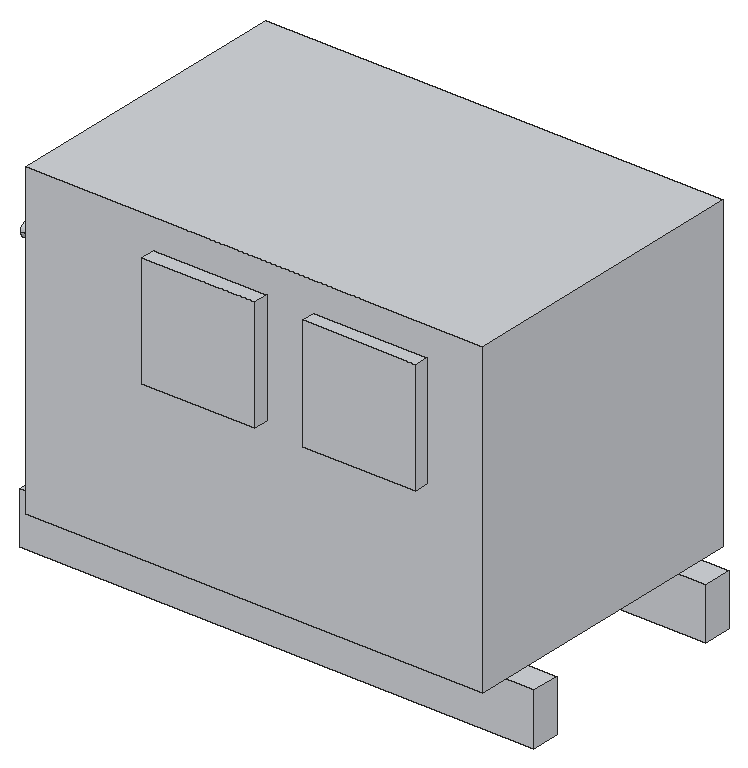
Revit family "Fan Coil modular de teto - Descarga dupla", category Equipamento mecânico, Revit 2019
Family settings
  Cota do conector redondo = Usar raio
  Tipo de parte = Normal
  ID de item do Seek = AHU Coil - Refrigerant - Indoor-0000-USA-ENU
  Com base no plano de trabalho = Não
  Sempre na vertical = Sim
  Corte com vazios quando carregada = Não
  Compartilhado = Não
  Ponto de cálculo do ambiente = Não
Parameters (values of type "Padrão")
  Queda de pressão da água [instance] = 0.0 Pa
  Voltagem = 230 V
  Comprimento da unidade = Largura do duto de entrada + 50 mm  # 810 mm
  Altura da unidade = Altura do duto de entrada + 50 mm  # 550 mm
  Número de pólos = 1
  Altura da conexão mecânica 2 = Altura da unidade - 50 mm  # 500 mm
  Altura da conexão mecânica 1 = Altura base + 50 mm  # 142.065 mm
  Classificação de carga = Refrigeração
  Largura do duto de entrada = 760 mm
  Altura do duto de entrada = 500 mm
  Raio da drenagem = 11 mm
  Diâmetro da drenagem = Raio da drenagem * 2  # 22 mm
  Separação da descarga = 84 mm
  Deslocamento da largura do duto de descarga = 100 mm
  Largura do duto de descarga = 200 mm
  Deslocamento da altura do duto de descarga = 53 mm
  Altura do duto de descarga = 200 mm
  Largura da unidade = 530 mm
  Material base = none
  Altura base = 92.065 mm
  Carga aparente = 0 VA
  Fluxo de ar [instance] = 2833.2 m³/h
  Raio 2 = Raio da água mecânica + 25.4 mm  # 37.9 mm
  Raio 1 = Raio 2 / 2  # 18.95 mm
  Fluxo da drenagem [instance] = 0.0 L/s
  Material da serpentina = none
  Raio da água mecânica = 12.5 mm
  Fluxo da água [instance] = 1.0 L/s
  Diâmetro da água mecânica = Raio da água mecânica * 2  # 25 mm
  Queda de pressão do ar [instance] = 0.0 Pa
Reference planes
  plane 1 "Parte frontal": y = 0
  plane 2 "Inferior": z = 0
  plane 3 "Centro (direita/esquerda)": x = 0
  plane 4 "Esquerda": x = -405
  plane 5 "Direita": x = 405
  plane 6 "Centro (Frente/Trás)": y = 265
  plane 7 "Parte posterior": y = 530
  plane 8: y = 101.2
  plane 9: y = 25.4
  plane 10: y = 63.3
  plane 11 "Superior": z = 642.065
  plane 12: z = 385.532
  plane 13: x = 380
  plane 14: x = -380
  plane 15: x = -405
  plane 16: x = -455
  plane 17: z = 142.065
  plane 18: z = 500
  plane 19: z = 367.065
  plane 20 "Base": z = 92.065
  plane 21 "Dreno d": z = 103.065
  plane 22 "Esquerda da descarga": x = 105
  plane 23 "Direita da descarga": x = 305
  plane 24 "Topo da descarga": z = 589.065
  plane 25 "Parte inferior da descarga": z = 389.065
  plane 26: y = 50
  plane 27: y = 100
  plane 28: y = 480
  plane 29: y = 430
  plane 30: x = 455
  plane 31: x = 21
  plane 32: x = -179
  plane 33 "Topo da elétrica": z = 616.565
  plane 34 "Parte inferior da elétrica": z = 117.565
  plane 35 "Esquerda da elétrica": y = 290
  plane 36 "Direita da elétrica": y = 240
Forms (mm)
  Extrusion 1, solid, material <- "Material da serpentina"
    sketch origin (0, 0, 0) x (1, 0, 0) y (0, 0, 1)
      loop
        line (-405, 642.065) -> (-405, 92.065) -> (405, 92.065) -> (405, 642.065) -> (-405, 642.065)
    from -530 to 0
  Extrusion 2, solid, material <- "Material da serpentina"
    sketch origin (0, 0, -15) x (0, 1, 0) y (0, 0, 1)
      loop
        circle (265, 118.065) r 11
    from -455 to -405
  Extrusion 3, solid, material <- "Material da serpentina"
    sketch origin (0, 0, 0) x (0, 1, 0) y (0, 0, 1)
      loop
        circle (63.3, 500) r 12.5
      loop
        circle (101.2, 142.065) r 12.5
    from -455 to -405
  Extrusion 4, solid, material <- "Material da serpentina"
    sketch origin (0, 0, 0) x (1, 0, 0) y (0, 0, 1)
      loop
        line (105, 589.065) -> (105, 389.065) -> (305, 389.065) -> (305, 589.065) -> (105, 589.065)
    from 0 to 25
  Extrusion 5, solid, material <- "Material base"
    sketch origin (0, 0, 0) x (1, 0, 0) y (0, 1, 0)
      loop
        line (-455, 480) -> (-455, 430) -> (455, 430) -> (455, 480) -> (-455, 480)
    from 0 to 92.065
  Extrusion 6, solid, material <- "Material base"
    sketch origin (250, -194.812, 0) x (1, 0, 0) y (0, 1, 0)
      loop
        line (-705, 294.812) -> (-705, 244.812) -> (205, 244.812) -> (205, 294.812) -> (-705, 294.812)
    from 0 to 92.065
  Extrusion 7, solid, material <- "Material da serpentina"
    sketch origin (0, 0, 0) x (1, 0, 0) y (0, 0, 1)
      loop
        line (21, 589.065) -> (-179, 589.065) -> (-179, 389.065) -> (21, 389.065) -> (21, 589.065)
    from 0 to 25
  Extrusion 8, solid, material <- "Material da serpentina"
    sketch origin (-405, 0, 0) x (0, 1, 0) y (0, 0, 1)
      loop
        line (290, 616.565) -> (240, 616.565) -> (240, 117.565) -> (290, 117.565) -> (290, 616.565)
    from 0 to -5
Cuts and joins
  joined: Extrusion 1, Extrusion 2, Extrusion 3
Dimensions and locks
  equal spacing: plane 4 "Esquerda", plane 3 "Centro (direita/esquerda)", plane 5 "Direita"
  "Comprimento da unidade": plane 4 "Esquerda" to plane 5 "Direita"
  locked: plane 1 "Parte frontal" to plane 9 at 25.4
  "Raio 2": plane 10 to plane 9
  equal spacing: plane 14, plane 3 "Centro (direita/esquerda)", plane 13
  "Largura do duto de entrada": plane 14 to plane 13
  plane 4 "Esquerda" to plane 16 = 50 mm
  "Altura da conexão mecânica 1": plane 17 to plane 2 "Inferior"
  "Altura da conexão mecânica 2": plane 18 to plane 2 "Inferior"
  plane 12 to plane 19 = 18.468 mm
  equal spacing: plane 11 "Superior", plane 19, plane 20 "Base"
  "Raio 2": plane 10 to plane 8
  equal spacing: plane 7 "Parte posterior", plane 6 "Centro (Frente/Trás)", plane 1 "Parte frontal"
  "Altura base": plane 20 "Base" to plane 2 "Inferior"
  "Raio da drenagem": plane 20 "Base" to plane 21 "Dreno d"
  "Altura da unidade": plane 11 "Superior" to plane 20 "Base"
  "Altura do duto de descarga": plane 24 "Topo da descarga" to plane 25 "Parte inferior da descarga"
  "Largura do duto de descarga": plane 22 "Esquerda da descarga" to plane 23 "Direita da descarga"
  "Deslocamento da altura do duto de descarga": plane 11 "Superior" to plane 24 "Topo da descarga"
  locked: plane 27 to plane 26 at 50
  locked: plane 1 "Parte frontal" to plane 26 at 50
  locked: plane 29 to plane 28 at 50
  locked: plane 7 "Parte posterior" to plane 28 at 50
  locked: plane 5 "Direita" to plane 30 at 50
  "Largura do duto de descarga": plane 31 to plane 32
  "Separação da descarga": plane 31 to plane 22 "Esquerda da descarga"
  equal spacing: plane 35 "Esquerda da elétrica", plane 6 "Centro (Frente/Trás)", plane 36 "Direita da elétrica"
  plane 35 "Esquerda da elétrica" to plane 36 "Direita da elétrica" = 50 mm
  equal spacing: plane 33 "Topo da elétrica", plane 19, plane 34 "Parte inferior da elétrica"
  plane 33 "Topo da elétrica" to plane 34 "Parte inferior da elétrica" = 499 mm
  "Largura da unidade": plane 7 "Parte posterior" to plane 1 "Parte frontal"
  "Deslocamento da largura do duto de descarga": plane 23 "Direita da descarga" to plane 5 "Direita"
  "Raio da drenagem": radius of Extrusion 2 sketch curve
  "Raio da água mecânica": radius of Extrusion 3 sketch curve  (x2)
  aligned and locked: plane 4 "Esquerda" to Extrusion 1 sketch curve
  aligned and locked: Extrusion 1 sketch curve to plane 11 "Superior"
  aligned and locked: plane 5 "Direita" to Extrusion 1 sketch curve
  aligned and locked: plane 6 "Centro (Frente/Trás)" to Extrusion 2 sketch curve
  aligned and locked: plane 4 "Esquerda" to Extrusion 2
  aligned and locked: plane 17 to Extrusion 3 sketch curve
  aligned and locked: plane 18 to Extrusion 3 sketch curve
  aligned and locked: Extrusion 3 to plane 16
  aligned and locked: plane 15 to Extrusion 3
  aligned and locked: plane 15 to plane 4 "Esquerda"
  aligned and locked: cut or joined group of Extrusion 1, Extrusion 2, Extrusion 3 to plane 20 "Base"
  aligned and locked: plane 21 "Dreno d" to Extrusion 2 sketch curve
  aligned and locked: plane 24 "Topo da descarga" to Extrusion 4
  aligned and locked: Extrusion 4 to plane 25 "Parte inferior da descarga"
  aligned and locked: plane 22 "Esquerda da descarga" to Extrusion 4
  aligned and locked: Extrusion 4 to plane 23 "Direita da descarga"
  aligned and locked: Extrusion 5 to plane 30
  aligned and locked: Extrusion 5 to plane 16
  aligned and locked: Extrusion 5 to plane 28
  aligned and locked: Extrusion 5 to plane 29
  aligned and locked: Extrusion 5 to plane 2 "Inferior"
  aligned and locked: plane 20 "Base" to Extrusion 5
  aligned and locked: plane 27 to Extrusion 6
  aligned and locked: Extrusion 6 to plane 26
  aligned and locked: Extrusion 6 to plane 30
  aligned and locked: Extrusion 6 to plane 16
  aligned and locked: plane 20 "Base" to Extrusion 6
  aligned and locked: Extrusion 6 to plane 2 "Inferior"
  aligned and locked: plane 2 "Inferior" to Extrusion 5
  aligned and locked: Extrusion 5 to plane 20 "Base"
  aligned and locked: cut or joined group of Extrusion 1, Extrusion 2, Extrusion 3 to plane 15
  aligned and locked: cut or joined group of Extrusion 1, Extrusion 2, Extrusion 3 to plane 16
  aligned and locked: plane 8 to Extrusion 3 sketch curve
  aligned and locked: plane 10 to Extrusion 3 sketch curve
  aligned and locked: Extrusion 7 to plane 31
  aligned and locked: plane 32 to Extrusion 7
  aligned and locked: Extrusion 8 to plane 34 "Parte inferior da elétrica"
  aligned and locked: Extrusion 8 to plane 35 "Esquerda da elétrica"
  aligned and locked: Extrusion 8 to plane 36 "Direita da elétrica"
  aligned and locked: plane 33 "Topo da elétrica" to Extrusion 8
  aligned and locked: cut or joined group of Extrusion 1, Extrusion 2, Extrusion 3 to plane 7 "Parte posterior"
  aligned and locked: Extrusion 4 to plane 1 "Parte frontal"
  aligned and locked: Extrusion 7 to plane 1 "Parte frontal"
Automatic sketch dimensions
  Extrusion 1 sketch curve to plane 20 "Base" = 0 mm
  Extrusion 5 sketch curve to plane 16 = 0 mm
  plane 29 to Extrusion 5 sketch curve = 0 mm
  Extrusion 5 sketch curve to plane 30 = 0 mm
  Extrusion 5 sketch curve to plane 28 = 0 mm
  Extrusion 6 sketch curve to plane 16 = 0 mm
  Extrusion 6 sketch curve to plane 26 = 0 mm
  Extrusion 6 sketch curve to plane 30 = 0 mm
  Extrusion 6 sketch curve to plane 27 = 0 mm
  Extrusion 8 sketch curve to plane 36 "Direita da elétrica" = 0 mm
  plane 35 "Esquerda da elétrica" to Extrusion 8 sketch curve = 0 mm
  plane 34 "Parte inferior da elétrica" to Extrusion 8 sketch curve = 0 mm
  plane 19 to Extrusion 8 sketch curve = 249.5 mm
  plane 22 "Esquerda da descarga" to Extrusion 4 sketch curve = 0 mm
  plane 23 "Direita da descarga" to Extrusion 4 sketch curve = 0 mm
  Extrusion 4 sketch curve to plane 25 "Parte inferior da descarga" = 0 mm
  Extrusion 4 sketch curve to plane 24 "Topo da descarga" = 0 mm
  Extrusion 7 sketch curve to plane 24 "Topo da descarga" = 0 mm
  Extrusion 7 sketch curve to plane 32 = 0 mm
  Extrusion 7 sketch curve to plane 25 "Parte inferior da descarga" = 0 mm
  Extrusion 7 sketch curve to plane 31 = 0 mm
Connectors
  piping at (-455, 63.3, 500), diameter 25, driven by "Fluxo da água", driven by "Queda de pressão da água", driven by "Raio da água mecânica"
    settings: on cut or joined group of Extrusion 1, Extrusion 2, Extrusion 3, index 3, connector inside diameter 25 mm, connector length 0 mm, flow factor 0, pipe flow 1.0 L/s, pressure drop 0.0 Pa, fitting loss kfactor 0, connector angle 0.00°, fixture units 0, engagement length 0 mm, angle of deflection 0.00°, flow configuration 1, flow direction 2, fitting loss method 4, system type 8, joint type 0, gender type 0, connector reference index 4, connector utility 0, adjustable connector no, is connector primary yes, connector description "Saída de água resfriada"
  piping at (-455, 101.2, 142.065), diameter 25, driven by "Raio da água mecânica", driven by "Fluxo da água"
    settings: on cut or joined group of Extrusion 1, Extrusion 2, Extrusion 3, index 4, connector inside diameter 25 mm, connector length 0 mm, flow factor 0, pipe flow 1.0 L/s, pressure drop 0.0 Pa, fitting loss kfactor 0, connector angle 0.00°, fixture units 0, engagement length 0 mm, angle of deflection 0.00°, flow configuration 1, flow direction 1, fitting loss method 4, system type 7, joint type 0, gender type 0, connector reference index 3, connector utility 0, adjustable connector no, is connector primary no, connector description "Entrada de água resfriada"
  piping at (-455, 265, 103.065), diameter 22, driven by "Raio da drenagem", driven by "Fluxo da drenagem"
    settings: on cut or joined group of Extrusion 1, Extrusion 2, Extrusion 3, index 5, connector inside diameter 22 mm, connector length 0 mm, flow factor 0, pipe flow 0.0 L/s, pressure drop 0.0 Pa, fitting loss kfactor 0, connector angle 0.00°, fixture units 0, engagement length 0 mm, angle of deflection 0.00°, flow configuration 1, flow direction 2, fitting loss method 0, system type 16, joint type 0, gender type 0, connector reference index -1, connector utility 0, adjustable connector yes, is connector primary no, connector description "Saída da drenagem"
  hvac at (0, 530, 367.065), driven by "Altura do duto de entrada", driven by "Largura do duto de entrada", driven by "Fluxo de ar"
    settings: on cut or joined group of Extrusion 1, Extrusion 2, Extrusion 3, index 9, duct flow 2833.2 m³/h, flow factor 0, pres drop 0.0 Pa, loss coef 0, conn angle 0.00°, conn width 760 mm, conn height 500 mm, conn diameter 609.6 mm, duct sys type 2, conn prof type 1, flow config 0, flow direction 1, loss method 0, conn ref index 11, conn util no, is conn primary yes, conn desc "Entrada de ar"
  hvac at (205, -25, 489.065), driven by "Queda de pressão do ar", driven by "Fluxo de ar", driven by "Altura do duto de descarga", driven by "Largura do duto de descarga"
    settings: on Extrusion 4, index 10, duct flow 2833.2 m³/h, flow factor 0, pres drop 0.0 Pa, loss coef 0, conn angle 0.00°, conn width 200 mm, conn height 200 mm, conn diameter 609.6 mm, duct sys type 1, conn prof type 1, flow config 0, flow direction 2, loss method 4, conn ref index -1, conn util no, is conn primary no, conn desc "Saída de ar 1"
  hvac at (-79, -25, 489.065), driven by "Queda de pressão do ar", driven by "Fluxo de ar", driven by "Altura do duto de descarga", driven by "Largura do duto de descarga"
    settings: on Extrusion 7, index 11, duct flow 2833.2 m³/h, flow factor 0, pres drop 0.0 Pa, loss coef 0, conn angle 0.00°, conn width 200 mm, conn height 200 mm, conn diameter 609.6 mm, duct sys type 1, conn prof type 1, flow config 0, flow direction 2, loss method 4, conn ref index 9, conn util no, is conn primary no, conn desc "Saída de ar 2"
  electrical at (-410, 265, 367.065), driven by "Número de pólos", driven by "Classificação de carga", driven by "Voltagem", driven by "Carga aparente"
    settings: on Extrusion 8, index 12, voltage 230 V, apparent load 0 VA, apparent load phase1 0 VA, apparent load phase2 0 VA, apparent load phase3 0 VA, power factor 0.8, load classification "Refrigeração", number of poles 1, system type 30, power factor state 1, is connector primary yes, connector utility no, sub classification motor no, connector description "Potência"
Types in the file's own list only (6): name | Comprimento da unidade | Altura da unidade | Altura da conexão mecânica 2 | Altura da conexão mecânica 1 | Largura do duto de entrada | Altura do duto de entrada | Separação da descarga | Deslocamento da largura do duto de descarga | Largura do duto de descarga | Deslocamento da altura do duto de descarga | Altura do duto de descarga | Largura da unidade | Altura base | Raio 2 | Raio 1 | Raio da água mecânica
  5500m3/h | 1500 mm | 1100 mm | 1050 mm | 120 mm | 1450 mm | 1050 mm | 215 mm | 217 mm | 426 mm | 450 mm | 381 mm | 740 mm | 70 mm | 38 mm | 19 mm | 13 mm
  6000m3/h | 1500 mm | 1100 mm | 1050 mm | 120 mm | 1450 mm | 1050 mm | 341 mm | 168 mm | 412 mm | 362 mm | 442 mm | 740 mm | 70 mm | 38 mm | 19 mm | 13 mm
  7000m3/h | 1700 mm | 1100 mm | 1050 mm | 120 mm | 1650 mm | 1050 mm | 341 mm | 167 mm | 513 mm | 362 mm | 442 mm | 740 mm | 70 mm | 38 mm | 19 mm | 13 mm
  9000m3/h | 2000 mm | 1100 mm | 1050 mm | 120 mm | 1950 mm | 1050 mm | 341 mm | 317 mm | 513 mm | 362 mm | 442 mm | 740 mm | 70 mm | 38 mm | 19 mm | 13 mm
  12000m3/h | 2400 mm | 1100 mm | 1050 mm | 120 mm | 2350 mm | 1050 mm | 417 mm | 240 mm | 596 mm | 230 mm | 520 mm | 930 mm | 70 mm | 38 mm | 19 mm | 13 mm
  15000m3/h | 2770 mm | 1100 mm | 1050 mm | 120 mm | 2720 mm | 1050 mm | 417 mm | 410 mm | 596 mm | 230 mm | 520 mm | 930 mm | 70 mm | 38 mm | 19 mm | 13 mm
